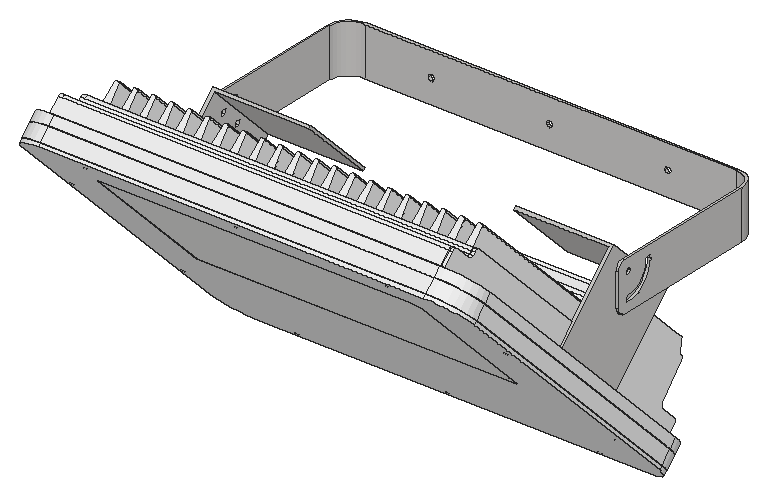
Revit family "FT ATEX LED MAX_2021", category Luminarias, Revit 2021 (continued)
Types (12, lengths in mm): name | Wattage | Power | Position | Archivo de red fotométrica | built-in parameter 1150142 | Modules | Lumens | built-in parameter 1150105 | built-in parameter 1150106 | Equiv MH
    08\t1480.2365\t1542.6964\t1626.5224\t1747.0266\r\n1879.2821\t2024.7134\t2176.7681\t2330.5321\t2423.1181\t2427.8186\t2229.6845\t1909.4794\t1597.9631\t1135.1044\r\n759.4901\t457.8734\t254.6115\t145.0751\t92.3011\t69.938\t0\t0\t0\t0\r\n0\t0\t0\t0\t0\t0\t0\t0\t0\t0\r\n0\t0\t0\t0\t0\t0\t0\t0\t0\t0\r\n0\t0\t0\t0\t0\t0\t0\t0\t0\t0\r\n0\t0\t0\t0\t0\t0\t0\t0\t0\t0\r\n0\r\n1172.3524\t1189.5164\t1205.8258\t1219.5713\t1231.7499\t1244.9256\t1257.6028\t1269.2116\t1280.3932\t1289.5805\r\n1298.483\t1305.4626\t1312.8695\t1319.9203\t1327.8969\t1335.6599\t1342.9243\t1348.4795\t1353.9634\t1370.9138\r\n1392.351\t1412.435\t1427.4625\t1424.9698\t1442.9884\t1476.4618\t1520.9743\t1579.802\t1660.1382\t1787.1235\r\n1955.63\t2132.398\t2346.4141\t2567.6947\t2745.8159\t2827.7189\t2660.4943\t2285.2361\t1841.037\t1380.3148\r\n903.0696\t557.1541\t335.375\t198.4901\t117.9403\t76.3478\t0\t0\t0\t0\r\n0\t0\t0\t0\t0\t0\t0\t0\t0\t0\r\n0\t0\t0\t0\t0\t0\t0\t0\t0\t0\r\n0\t0\t0\t0\t0\t0\t0\t0\t0\t0\r\n0\t0\t0\t0\t0\t0\t0\t0\t0\t0\r\n0\r\n1172.21\t1193.0062\t1212.4493\t1231.1089\t1247.7744\t1265.5082\t1281.8888\t1298.0557\t1313.7241\t1327.6832\r\n1340.218\t1352.2541\t1363.3645\t1373.5489\t1383.5909\t1393.3481\t1402.2506\t1408.0194\t1417.0643\t1424.8273\r\n1442.3474\t1464.853\t1482.3731\t1482.017\t1487.9995\t1517.627\t1559.8604\t1617.5486\t1700.876\t1839.6838\r\n2023.3602\t2246.35\t2496.8308\t2776.5829\t2966.7403\t3021.1524\t2915.9605\t2624.1009\t2074.3537\t1482.5867\r\n1011.6089\t623.3174\t385.1578\t234.3138\t140.4458\t86.8884\t0\t0\t0\t0\r\n0\t0\t0\t0\t0\t0\t0\t0\t0\t0\r\n0\t0\t0\t0\t0\t0\t0\t0\t0\t0\r\n0\t0\t0\t0\t0\t0\t0\t0\t0\t0\r\n0\t0\t0\t0\t0\t0\t0\t0\t0\t0\r\n0\r\n1171.7114\t1195.6414\t1219.0015\t1241.6495\t1263.4428\t1285.1649\t1306.246\t1326.4013\t1345.0609\t1364.4328\r\n1381.1695\t1397.9774\t1413.1472\t1426.3229\t1438.3591\t1449.5407\t1459.1554\t1466.0637\t1478.0999\t1478.9545\r\n1484.7233\t1508.4396\t1527.5266\t1538.9218\t1544.6906\t1567.9795\t1614.1301\t1683.9969\t1785.4142\t1926.4298\r\n2127.6263\t2360.4445\t2601.4529\t2823.4457\t2949.9324\t3015.7397\t3015.2411\t2702.9414\t2124.1365\t1439.9972\r\n975.9989\t657.7167\t430.3825\t270.5648\t162.3816\t97.7851\t0\t0\t0\t0\r\n0\t0\t0\t0\t0\t0\t0\t0\t0\t0\r\n0\t0\t0\t0\t0\t0\t0\t0\t0\t0\r\n0\t0\t0\t0\t0\t0\t0\t0\t0\t0\r\n0\t0\t0\t0\t0\t0\t0\t0\t0\t0\r\n0\r\n1172.5661\t1199.7721\t1225.8386\t1252.4749\t1278.5414\t1304.9641\t1330.9594\t1354.7468\t1377.6797\t1401.2535\r\n1422.9756\t1443.1309\t1461.292\t1477.3877\t1490.9907\t1503.1693\t1513.5674\t1522.6124\t1532.512\t1537.2837\r\n1543.0525\t1553.4506\t1575.3864\t1593.8324\t1620.3974\t1646.464\t1705.0068\t1793.1772\t1913.7526\t2082.7577\r\n2278.4702\t2469.2686\t2613.4891\t2703.9385\t2854.64\t2907.058\t2684.7803\t2381.1695\t1823.1608\t1218.503\r\n817.8905\t572.68\t391.9237\t259.7393\t163.8772\t101.4173\t0\t0\t0\t0\r\n0\t0\t0\t0\t0\t0\t0\t0\t0\t0\r\n0\t0\t0\t0\t0\t0\t0\t0\t0\t0\r\n0\t0\t0\t0\t0\t0\t0\t0\t0\t0\r\n0\t0\t0\t0\t0\t0\t0\t0\t0\t0\r\n0\r\n1170.5719\t1200.9116\t1229.7557\t1260.4516\t1291.5747\t1322.1281\t1351.8268\t1380.6709\t1408.3043\t1434.5845\r\n1459.0841\t1482.8716\t1504.0952\t1523.3958\t1540.7023\t1555.2311\t1565.8429\t1578.5201\t1591.3397\t1596.6812\r\n1602.5924\t1609.6432\t1628.1604\t1659.9245\t1698.6682\t1756.1428\t1826.8642\t1934.1928\t2079.4816\t2244.9968\r\n2393.9179\t2502.5284\t2596.8949\t2710.7756\t2705.3629\t2395.4135\t2083.3987\t1760.2023\t1282.8146\t863.044\r\n593.1202\t418.9873\t295.2781\t203.9741\t138.0244\t83.9684\t0\t0\t0\t0\r\n0\t0\t0\t0\t0\t0\t0\t0\t0\t0\r\n0\t0\t0\t0\t0\t0\t0\t0\t0\t0\r\n0\t0\t0\t0\t0\t0\t0\t0\t0\t0\r\n0\t0\t0\t0\t0\t0\t0\t0\t0\t0\r\n0\r\n1168.5778\t1201.6951\t1233.5304\t1268.1433\t1303.1123\t1337.7253\t1372.267\t1405.6691\t1437.5045\t1466.8471\r\n1494.9078\t1521.2592\t1544.3345\t1566.2702\t1585.7845\t1603.091\t1616.6228\t1632.0775\t1645.7518\t1656.3635\r\n1664.9099\t1676.8037\t1699.5229\t1741.0441\t1801.7948\t1879.1397\t1978.3492\t2110.8184\t2258.315\t2388.6476\r\n2475.3223\t2560.5727\t2662.1324\t2645.182\t2285.2361\t1865.7503\t1455.9505\t1050.495\t732.6401\t512.4991\r\n363.7205\t257.033\t181.1837\t127.9823\t91.8738\t64.4541\t0\t0\t0\t0\r\n0\t0\t0\t0\t0\t0\t0\t0\t0\t0\r\n0\t0\t0\t0\t0\t0\t0\t0\t0\t0\r\n0\t0\t0\t0\t0\t0\t0\t0\t0\t0\r\n0\t0\t0\t0\t0\t0\t0\t0\t0\t0\r\n0\r\n1166.1563\t1202.1936\t1236.8065\t1274.2682\t1312.8695\t1351.9693\t1390.3568\t1428.4595\t1463.9271\t1497.1868\r\n1528.0963\t1556.9404\t1583.1494\t1606.5808\t1629.0863\t1647.8884\t1663.4143\t1682.7149\t1696.1043\t1713.0547\r\n1726.2304\t1748.1661\t1785.1293\t1841.9629\t1918.1683\t2015.4548\t2139.4488\t2279.7522\t2408.7316\t2498.4688\r\n2578.8762\t2685.635\t2691.3326\t2317.9261\t1868.1006\t1410.2984\t986.7531\t680.792\t474.254\t337.2267\r\n243.0739\t174.489\t126.8428\t93.0133\t70.3654\t53.1301\t0\t0\t0\t0\r\n0\t0\t0\t0\t0\t0\t0\t0\t0\t0\r\n0\t0\t0\t0\t0\t0\t0\t0\t0\t0\r\n0\t0\t0\t0\t0\t0\t0\t0\t0\t0\r\n0\t0\t0\t0\t0\t0\t0\t0\t0\t0\r\n0\r\n1167.7943\t1205.1848\t1242.4329\t1282.8146\t1324.9057\t1367.5664\t1409.6575\t1451.2499\t1490.2785\t1526.387\r\n1560.5014\t1592.6929\t1621.537\t1648.2445\t1672.8154\t1694.4662\t1712.4137\t1732.2128\t1746.7417\t1765.6862\r\n1786.1264\t1820.3832\t1878.0714\t1953.6358\t2049.1418\t2169.6461\t2312.0861\t2441.8489\t2539.1354\t2618.4745\r\n2730.2899\t2794.4591\t2452.9592\t1960.0456\t1475.6072\t1012.606\t689.1247\t473.0432\t336.016\t242.3617\r\n180.8988\t132.1131\t98.1412\t75.9917\t61.178\t49.9252\t0\t0\t0\t0\r\n0\t0\t0\t0\t0\t0\t0\t0\t0\t0\r\n0\t0\t0\t0\t0\t0\t0\t0\t0\t0\r\n0\t0\t0\t0\t0\t0\t0\t0\t0\t0\r\n0\t0\t0\t0\t0\t0\t0\t0\t0\t0\r\n0\r\n1166.5836\t1206.1819\t1245.5666\t1288.0137\t1332.6686\t1378.0358\t1423.3317\t1468.4852\t1511.0747\t1549.5335\r\n1586.5679\t1620.1838\t1652.5177\t1681.9315\t1709.0663\t1734.3494\t1758.2794\t1782.9927\t1801.0826\t1821.0954\r\n1843.316\t1887.971\t1959.2622\t2048.6433\t2160.886\t2302.5426\t2443.2021\t2558.7922\t2642.7605\t2740.4744\r\n2863.044\t2709.9922\t2190.8696\t1701.517\t1161.1709\t775.4434\t528.31\t372.623\t271.2058\t201.6238\r\n157.966\t119.7208\t88.0279\t69.2258\t56.7623\t47.2901\t0\t0\t0\t0\r\n0\t0\t0\t0\t0\t0\t0\t0\t0\t0\r\n0\t0\t0\t0\t0\t0\t0\t0\t0\t0\r\n0\t0\t0\t0\t0\t0\t0\t0\t0\t0\r\n0\t0\t0\t0\t0\t0\t0\t0\t0\t0\r\n0\r\n1167.5807\t1208.461\t1249.3412\t1294.922\t1341.4287\t1389.2173\t1438.003\t1485.1507\t1529.5207\t1570.6147\r\n1608.8598\t1643.8288\t1677.0886\t1707.9268\t1737.4831\t1766.3272\t1795.6699\t1824.8701\t1850.7229\t1877.0031\r\n1912.257\t1966.6691\t2039.0286\t2140.161\t2267.4311\t2417.6341\t2549.2487\t2653.3011\t2744.7476\t2860.4089\r\n2891.2471\t2495.7625\t2001.4244\t1408.6604\t920.9458\t617.5486\t428.2459\t311.6587\t232.3196\t174.9875\r\n139.6624\t110.1061\t83.2562\t65.9497\t54.5545\t45.652\t0\t0\t0\t0\r\n0\t0\t0\t0\t0\t0\t0\t0\t0\t0\r\n0\t0\t0\t0\t0\t0\t0\t0\t0\t0\r\n0\t0\t0\t0\t0\t0\t0\t0\t0\t0\r\n0\t0\t0\t0\t0\t0\t0\t0\t0\t0\r\n0\r\n1166.2987\t1208.6746\t1250.8369\t1297.9845\t1346.1292\t1396.3393\t1446.9055\t1495.4063\t1541.6993\t1584.9299\r\n1623.8872\t1660.4231\t1694.8936\t1726.5865\t1757.0686\t1787.9069\t1819.4573\t1852.5746\t1883.6978\t1916.6726\r\n1962.8944\t2031.4793\t2117.513\t2226.3372\t2360.5869\t2494.8366\t2618.6882\t2723.0255\t2827.9325\t2950.8583\r\n2848.8\t2352.9664\t1868.6704\t1218.503\t790.3283\t533.5802\t376.2553\t280.1795\t208.6034\t155.9718\r\n124.4926\t98.1412\t75.7069\t61.4629\t50.9935\t43.0169\t0\t0\t0\t0\r\n0\t0\t0\t0\t0\t0\t0\t0\t0\t0\r\n0\t0\t0\t0\t0\t0\t0\t0\t0\t0\r\n0\t0\t0\t0\t0\t0\t0\t0\t0\t0\r\n0\t0\t0\t0\t0\t0\t0\t0\t0\t0\r\n0\r\n1167.0821\t1210.099\t1253.1871\t1301.1894\t1350.6161\t1402.5355\t1454.5261\t1505.0923\t1551.955\t1596.1114\r\n1635.2112\t1671.8183\t1705.9327\t1737.8392\t1769.6033\t1801.4387\t1836.0516\t1871.2343\t1904.1379\t1944.3772\r\n1998.7893\t2078.1284\t2179.1896\t2302.5426\t2447.1192\t2583.3631\t2699.5941\t2794.4591\t2908.3399\t3016.2382\r\n2787.1947\t2277.9717\t1688.3413\t1056.976\t695.8194\t472.1174\t337.2267\t256.1071\t184.0325\t140.4458\r\n112.1003\t89.025\t70.2229\t57.9019\t48.3584\t38.6012\t0\t0\t0\t0\r\n0\t0\t0\t0\t0\t0\t0\t0\t0\t0\r\n0\t0\t0\t0\t0\t0\t0\t0\t0\t0\r\n0\t0\t0\t0\t0\t0\t0\t0\t0\t0\r\n0\t0\t0\t0\t0\t0\t0\t0\t0\t0\r\n0\r\n1165.4441\t1209.0307\t1252.9735\t1300.8333\t1351.2571\t1403.8886\t1456.5202\t1507.2289\t1554.9463\t1599.6012\r\n1638.3449\t1674.952\t1709.28\t1742.3973\t1774.5175\t1806.5665\t1842.0341\t1878.6412\t1913.8951\t1957.6241\r\n2018.5885\t2104.4798\t2210.5264\t2340.6453\t2490.9907\t2629.0151\t2748.3798\t2855.7796\t2983.1921\t3071.2913\r\n2780.0727\t2270.4224\t1585.6421\t993.1629\t659.8533\t446.1933\t321.7007\t244.2134\t172.4948\t133.5375\r\n106.5451\t84.2533\t66.9468\t55.5516\t46.1506\t36.892\t0\t0\t0\t0\r\n0\t0\t0\t0\t0\t0\t0\t0\t0\t0\r\n0\t0\t0\t0\t0\t0\t0\t0\t0\t0\r\n0\t0\t0\t0\t0\t0\t0\t0\t0\t0\r\n0\t0\t0\t0\t0\t0\t0\t0\t0\t0\r\n0" | "2" | 6700 lm | 533.17 (stored number, unit not read) | 5.3317 (stored number, unit not read) | 70 W
